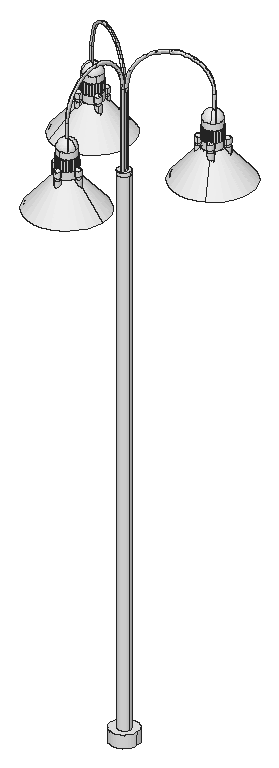
Revit family "ERA-RA25", category Lighting Fixtures, Revit 2014 (continued)
Definition of nested family "RA25"
  Forms (in)
    Revolve 10, solid, material "Metal-Kim Lighting-Aluminum-Reflective" <- "Inside Material", not visible
      sketch origin (5.06063, 0.05401, -38.86718) x (1, 0, 0) y (0, 0, 1)
        axis (-6.52594, 191.73727) -> (-6.52594, 186.15954)
      angle from 0 to 360
    Extrusion 11, solid, material "Metal-Kim Lighting-Aluminum Alloy" <- "Housing Material"
      sketch origin (-1.46532, -6.19162, 4.01078) x (1, 0, 0) y (0, 1, 0)
        loop
          circle (0, 2.24564) r 1
      from 154.3106 to 155.8106
    Revolve 12, solid, material "Metal-Kim Lighting-Aluminum Alloy" <- "Housing Material"
      sketch origin (-1.46532, -1.34773, 10.82138) x (0, -1, 0) y (0, 0, -1)
        loop
          line (3.34826, -149) -> (2.59826, -149) -> (2.59826, -149.75)
          arc (2.59826, -149.75) -> (3.12859, -149.53033) -> (3.34826, -149) r 0.75
        axis (2.59826, -149) -> (2.59826, -149.75)
      angle from 0 to 360
    Extrusion 13, solid, material "Metal-Kim Lighting-Aluminum Alloy" <- "Housing Material"
      sketch origin (-1.46532, 6.29965, 4.01078) x (-1, 0, 0) y (0, -1, 0)
        loop
          circle (0, 2.24564) r 1
      from 154.3106 to 155.8106
    Revolve 14, solid, material "Metal-Kim Lighting-Aluminum Alloy" <- "Housing Material"
      sketch origin (-1.46532, 1.45575, 10.82138) x (0, 1, 0) y (0, 0, 1)
        loop
          arc (3.34826, 149) -> (3.12859, 149.53033) -> (2.59826, 149.75) r 0.75
          line (2.59826, 149.75) -> (2.59826, 149) -> (3.34826, 149)
        axis (2.59826, 149) -> (2.59826, 149.75)
      angle from 0 to 360
    Extrusion 15, solid, material "Metal-Kim Lighting-Aluminum Alloy" <- "Housing Material"
      sketch origin (-1.46532, 6.29965, 4.01078) x (-1, 0, 0) y (0, -1, 0)
        loop
          circle (0, 10.24564) r 0.75
      from 153.3106 to 155.8106
    Extrusion 16, solid, material "Metal-Kim Lighting-Aluminum Alloy" <- "Housing Material"
      sketch origin (-1.46532, -6.19162, 4.01078) x (1, 0, 0) y (0, 1, 0)
        loop
          circle (0, 10.24564) r 0.75
      from 153.3106 to 155.8106
    Revolve 17, solid, material "Metal-Kim Lighting-Aluminum Alloy" <- "Housing Material"
      sketch origin (-0.06358, 0.05401, 8.32138) x (1, 0, 0) y (0, 0, 1)
        loop
          line (-1.40174, 148.85921) -> (-4.89661, 148.85921) -> (-13.90174, 138.5) -> (-13.01689, 138.5) -> (-13.01689, 139.175) -> (-1.40174, 139.175) -> (-1.40174, 148.85921)
        axis (-1.40174, 148.85921) -> (-1.40174, 138.5)
      angle from 0 to 360
    Extrusion 18, solid, material "Metal-Kim Lighting-Aluminum Alloy" <- "Housing Material"
      sketch origin (4.78032, 0.05401, 1.51078) x (0, 1, 0) y (-1, 0, 0)
        loop
          circle (0, 6.24564) r 3
      from 155.8106 to 164.04982
    Revolve 19, solid, material "Metal-Kim Lighting-Aluminum Alloy" <- "Housing Material"
      sketch origin (-0.05171, 0.05986, 12.5606) x (1, 0, 0) y (0, 0, 1)
        loop
          line (-1.40174, 156) -> (-1.40174, 155.875)
          arc (-1.40174, 155.875) -> (0.63119, 155.03293) -> (1.47326, 153) r 2.875
          line (1.47326, 153) -> (1.59826, 153)
          arc (1.59826, 153) -> (0.71958, 155.12132) -> (-1.40174, 156) r 3
        axis (-1.40174, 156) -> (-1.40174, 153)
      angle from 0 to 360
    Extrusion 20, solid, material "Metal-Kim Lighting-Aluminum Alloy" <- "Housing Material"
      sketch origin (4.79219, 0.05986, 4) x (0, 1, 0) y (-1, 0, 0)
        loop
          circle (0, 2.24564) r 1
      from 150.3106 to 153.3106
    Extrusion 21, solid, material "Metal-Kim Lighting-Aluminum Alloy" <- "Housing Material"
      sketch origin (0.77874, 4.07331, 4) x (0, 1, 0) y (-1, 0, 0)
        loop
          circle (-0.01345, 2.23219) r 1
      from 150.3106 to 153.3106
    Extrusion 22, solid, material "Metal-Kim Lighting-Aluminum Alloy" <- "Housing Material"
      sketch origin (-3.23471, 0.05986, 4) x (0, 1, 0) y (-1, 0, 0)
        loop
          circle (0, 2.21874) r 0.98655
      from 150.3106 to 153.3106
    Extrusion 23, solid, material "Metal-Kim Lighting-Aluminum Alloy" <- "Housing Material"
      sketch origin (0.77874, -3.95359, 4) x (0, 1, 0) y (-1, 0, 0)
        loop
          circle (0.01345, 2.23219) r 0.98655
      from 150.3106 to 153.3106
    Extrusion 24, solid
      sketch origin (-2.18498, 4.15718, 0) x (0.866025, 0.5, 0) y (0, 0, 1)
        loop
          line (-10.25, 147.29236) -> (-9.97808, 146.82138) -> (-9.26678, 146.82138) -> (-9.5387, 147.29236) -> (-10.25, 147.29236)
      from 6.27656 to 8.23387
    Extrusion 25, solid
      sketch origin (-3.53022, 6.7198, 0) x (0.866025, 0.5, 0) y (0, 0, 1)
        loop
          line (-10.25, 147.29236) -> (-9.97808, 146.82138) -> (-9.26678, 146.82138) -> (-9.5387, 147.29236) -> (-10.25, 147.29236)
      from 6.27656 to 8.23387
    Extrusion 26, solid
      sketch origin (-4.66154, 9.26395, 0) x (0.866025, 0.5, 0) y (0, 0, 1)
        loop
          line (-10.25, 147.29236) -> (-9.97808, 146.82138) -> (-9.26678, 146.82138) -> (-9.5387, 147.29236) -> (-10.25, 147.29236)
      from 6.27656 to 8.23387
    Extrusion 27, solid
      sketch origin (1.06502, 3.65718, 0) x (0.866025, 0.5, 0) y (0, 0, 1)
        loop
          line (-10.25, 147.29236) -> (-9.97808, 146.82138) -> (-9.26678, 146.82138) -> (-9.5387, 147.29236) -> (-10.25, 147.29236)
      from 6.27656 to 8.23387
    Extrusion 28, solid
      sketch origin (-0.43498, 6.25526, 0) x (0.866025, 0.5, 0) y (0, 0, 1)
        loop
          line (-10.25, 147.29236) -> (-9.97808, 146.82138) -> (-9.26678, 146.82138) -> (-9.5387, 147.29236) -> (-10.25, 147.29236)
      from 6.27656 to 8.23387
    Extrusion 29, solid
      sketch origin (-1.70284, 8.97418, 0) x (0.866025, 0.5, 0) y (0, 0, 1)
        loop
          line (-10.25, 147.29236) -> (-9.97808, 146.82138) -> (-9.26678, 146.82138) -> (-9.5387, 147.29236) -> (-10.25, 147.29236)
      from 6.27656 to 8.23387
    Extrusion 30, solid
      sketch origin (-2.18498, -4.15718, 0) x (0.866025, -0.5, 0) y (0, 0, -1)
        loop
          line (-10.25, -147.29236) -> (-9.5387, -147.29236) -> (-9.26678, -146.82138) -> (-9.97808, -146.82138) -> (-10.25, -147.29236)
      from 6.27656 to 8.23387
    Extrusion 31, solid
      sketch origin (-3.53022, -6.7198, 0) x (0.866025, -0.5, 0) y (0, 0, -1)
        loop
          line (-10.25, -147.29236) -> (-9.5387, -147.29236) -> (-9.26678, -146.82138) -> (-9.97808, -146.82138) -> (-10.25, -147.29236)
      from 6.27656 to 8.23387
    Extrusion 32, solid
      sketch origin (1.06502, -3.65718, 0) x (0.866025, -0.5, 0) y (0, 0, -1)
        loop
          line (-10.25, -147.29236) -> (-9.5387, -147.29236) -> (-9.26678, -146.82138) -> (-9.97808, -146.82138) -> (-10.25, -147.29236)
      from 6.27656 to 8.23387
    Extrusion 33, solid
      sketch origin (-0.43498, -6.25526, 0) x (0.866025, -0.5, 0) y (0, 0, -1)
        loop
          line (-10.25, -147.29236) -> (-9.5387, -147.29236) -> (-9.26678, -146.82138) -> (-9.97808, -146.82138) -> (-10.25, -147.29236)
      from 6.27656 to 8.23387
    Extrusion 34, solid
      sketch origin (-1.70284, -8.97418, 0) x (0.866025, -0.5, 0) y (0, 0, -1)
        loop
          line (-10.25, -147.29236) -> (-9.5387, -147.29236) -> (-9.26678, -146.82138) -> (-9.97808, -146.82138) -> (-10.25, -147.29236)
      from 6.27656 to 8.23387
    Extrusion 35, solid
      sketch origin (-0.44002, 4.15718, 0) x (-0.866025, 0.5, 0) y (0, 0, -1)
        loop
          line (-10.25, -147.29236) -> (-9.5387, -147.29236) -> (-9.26678, -146.82138) -> (-9.97808, -146.82138) -> (-10.25, -147.29236)
      from 6.27656 to 8.23387
    Extrusion 36, solid
      sketch origin (0.90522, 6.7198, 0) x (-0.866025, 0.5, 0) y (0, 0, -1)
        loop
          line (-10.25, -147.29236) -> (-9.5387, -147.29236) -> (-9.26678, -146.82138) -> (-9.97808, -146.82138) -> (-10.25, -147.29236)
      from 6.27656 to 8.23387
    Extrusion 37, solid
      sketch origin (2.03654, 9.26395, 0) x (-0.866025, 0.5, 0) y (0, 0, -1)
        loop
          line (-10.25, -147.29236) -> (-9.5387, -147.29236) -> (-9.26678, -146.82138) -> (-9.97808, -146.82138) -> (-10.25, -147.29236)
      from 6.27656 to 8.23387
    Extrusion 38, solid
      sketch origin (-3.69002, 3.65718, 0) x (-0.866025, 0.5, 0) y (0, 0, -1)
        loop
          line (-10.25, -147.29236) -> (-9.5387, -147.29236) -> (-9.26678, -146.82138) -> (-9.97808, -146.82138) -> (-10.25, -147.29236)
      from 6.27656 to 8.23387
    Extrusion 39, solid
      sketch origin (-2.19002, 6.25526, 0) x (-0.866025, 0.5, 0) y (0, 0, -1)
        loop
          line (-10.25, -147.29236) -> (-9.5387, -147.29236) -> (-9.26678, -146.82138) -> (-9.97808, -146.82138) -> (-10.25, -147.29236)
      from 6.27656 to 8.23387
    Extrusion 40, solid
      sketch origin (-0.92216, 8.97418, 0) x (-0.866025, 0.5, 0) y (0, 0, -1)
        loop
          line (-10.25, -147.29236) -> (-9.5387, -147.29236) -> (-9.26678, -146.82138) -> (-9.97808, -146.82138) -> (-10.25, -147.29236)
      from 6.27656 to 8.23387
    Extrusion 41, solid
      sketch origin (-0.44002, -4.15718, 0) x (-0.866025, -0.5, 0) y (0, 0, 1)
        loop
          line (-10.25, 147.29236) -> (-9.97808, 146.82138) -> (-9.26678, 146.82138) -> (-9.5387, 147.29236) -> (-10.25, 147.29236)
      from 6.27656 to 8.23387
    Extrusion 42, solid
      sketch origin (0.90522, -6.7198, 0) x (-0.866025, -0.5, 0) y (0, 0, 1)
        loop
          line (-10.25, 147.29236) -> (-9.97808, 146.82138) -> (-9.26678, 146.82138) -> (-9.5387, 147.29236) -> (-10.25, 147.29236)
      from 6.27656 to 8.23387
    Extrusion 43, solid
      sketch origin (-3.69002, -3.65718, 0) x (-0.866025, -0.5, 0) y (0, 0, 1)
        loop
          line (-10.25, 147.29236) -> (-9.97808, 146.82138) -> (-9.26678, 146.82138) -> (-9.5387, 147.29236) -> (-10.25, 147.29236)
      from 6.27656 to 8.23387
    Extrusion 44, solid
      sketch origin (-2.19002, -6.25526, 0) x (-0.866025, -0.5, 0) y (0, 0, 1)
        loop
          line (-10.25, 147.29236) -> (-9.97808, 146.82138) -> (-9.26678, 146.82138) -> (-9.5387, 147.29236) -> (-10.25, 147.29236)
      from 6.27656 to 8.23387
    Extrusion 45, solid
      sketch origin (-0.92216, -8.97418, 0) x (-0.866025, -0.5, 0) y (0, 0, 1)
        loop
          line (-10.25, 147.29236) -> (-9.97808, 146.82138) -> (-9.26678, 146.82138) -> (-9.5387, 147.29236) -> (-10.25, 147.29236)
      from 6.27656 to 8.23387
  Dimensions and locks (in)
    aligned and locked: plane 2 to level
    aligned and locked: Revolve 10 to Revolve 9 sketch curve
Definition of nested family "Notation"
  Parameters (values of type "Notation")
    Notation = "LF"
  Reference planes (in)
    plane 1: y = 0
    plane 2: x = 0
  Text (in)
    label "Notation" at (0.02149, 0.07192, 0), shows "Notation"
Types (5): name | 4C | 3Y | 2
  (no name) | no | yes | no
  RA25-1A | no | no | no
  RA25-2B | no | no | yes
  RA25-3Y | no | yes | no
  RA25-4C | yes | no | yes
